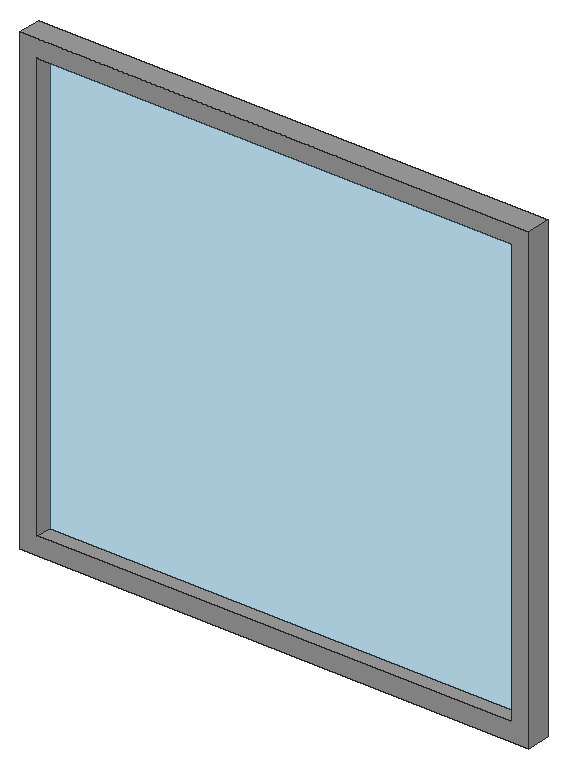
Revit family "ZS-30P OC001-WW_v02", category Curtain Panels, Revit 2015
Parameters
  Width [instance] = 5' - 6"
  URL = "obe.com"
  Model = "30P OC001"
  Manufacturer = "Oldcastle BuildingEnvelope®"
  Keynote = "08 51 00"
  Height [instance] = 5' - 0"
  Glass Material = Glass
  Frame Material = Aluminum
  Offset [instance] = 0' - 0"
  Description = "ZERO SIGHTLINE 30P"
  Assembly Code = "B2020"
  Analytic Construction = "<None>"
Reference planes (in)
  plane 1 "Front": y = 0
  plane 2: z = 0
  plane 3 "Center (Left/Right)": x = 0
  plane 4 "Left": x = -33
  plane 5 "Right": x = 33
  plane 6 "Top": z = 60
Text (in)
  text "Exterior" at (-54.29358, 31.38743, 0), in view "Ref. Level"
  text "Exterior" at (480, 41.53993, 89.60405), in view "Right"
  text "Exterior" at (-240, 57.82419, 105.78864), in view "Left"
  text "Min Size\n\n14\" width x 14\" height\n\n\n\nMax Size\n\n48\" x 84\"\n\n\n\nMax Area\n\n24 square feet\n\n\n\nOperable Width must be less than or equal to height." at (65.57636, 31.38743, 0), in view "Ref. Level"
Dimensions and locks (in)
  equal spacing: plane 4 "Left", plane 3 "Center (Left/Right)", plane 5 "Right"
  "Width": plane 4 "Left" to plane 5 "Right"
  "Height": plane 6 "Top" to plane 2
  aligned and locked: level to plane 2
  aligned and locked: plane 3 "Center (Left/Right)" to nested 1
  aligned and locked: plane 1 "Front" to nested 1
Nested families (in)
  nested 1: "ZS-30P OC001-Panel" at (0, -16, 0), Offset <- "Offset", Height <- "Height", Width <- "Width", Frame Material <- "Frame Material", Glass Material <- "Glass Material", type "ZS-30P OC001-Panel"
    with built-in parameter 1001301 5' - 6", Offset 0' - 0", built-in parameter 1001300 5' - 0", Glass Material Glass, Frame Material Aluminum
Definition of nested family "ZS-30P OC001-Panel"
  Parameters (values of type "ZS-30P OC001-Panel")
    Width [instance] = 3' - 0"
    Offset [instance] = 0' - 11"
    Height [instance] = 3' - 0"
    Glass Material [instance] = none
    Frame Material [instance] = none
    Analytic Construction = "<None>"
  Reference planes (in)
    plane 1 "Offset": y = 5
    plane 2: z = 0
    plane 3 "Center (Left/Right)": x = 0
    plane 4: x = 18
    plane 5: x = -18
    plane 6 "Center (Front/Back)": y = 16
    plane 7: z = 36
    plane 8: z = 0.99753
    plane 9: z = 35.00247
    plane 10: z = 18
  Forms (in)
    Extrusion 1, solid, material <- "Glass Material", detail levels coarse
      sketch origin (0, 0, 0) x (1, 0, 0) y (0, 1, 0)
        loop
          line (-17.00247, 5) -> (-17.00247, 4) -> (17.00247, 4) -> (17.00247, 5) -> (-17.00247, 5)
      from 0.99753 to 35.00247
    Sweep 2, solid, material <- "Frame Material"
      path origin (0, 5, 0) x (1, 0, 0) y (0, 0, 1)
        loop
          line (18, 36) -> (-18, 36) -> (-18, 0) -> (18, 0) -> (18, 36)
      profile origin (0, 5, 36) x (0, 0, -1) y (0, -1, 0)
        loop
          line (0, 2.99976) -> (0, 0) -> (0.99753, 0) -> (0.99753, 1) -> (2.24951, 1) -> (2.24951, 2.99976) -> (0, 2.99976)
    Extrusion 3, solid, material <- "Glass Material", detail levels medium+fine
      sketch origin (0, 0, 0) x (1, 0, 0) y (0, 1, 0)
        loop
          line (-17.00247, 5) -> (-17.00247, 4.75) -> (17.00247, 4.75) -> (17.00247, 5) -> (-17.00247, 5)
        loop
          line (-17.00247, 4) -> (17.00247, 4) -> (17.00247, 4.2373) -> (-17.00247, 4.2373) -> (-17.00247, 4)
      from 0.99753 to 35.00247
  Lines and regions (in)
    model lines
      curve 1: line (-15.75049, 5, 18) -> (15.75049, 5, 33.75049)
      curve 2: line (-15.75049, 5, 18) -> (15.75049, 5, 2.24951)
  Dimensions and locks (in)
    "Width": plane 5 to plane 4
    "Offset": plane 1 "Offset" to plane 6 "Center (Front/Back)"
    equal spacing: plane 5, plane 3 "Center (Left/Right)", plane 4
    locked: plane 5 to Extrusion 1 sketch curve at 0.99753
    locked: Extrusion 1 sketch curve to plane 4 at 0.99753
    Extrusion 1 sketch curve to Extrusion 1 sketch curve to plane 1 "Offset" = 0' - 1" locked, 0' - 0" locked
    locked: plane 9 to plane 7 at 0.99753
    locked: plane 2 to plane 8 at 0.99753
    Extrusion 3 sketch curve to Extrusion 3 sketch curve to Extrusion 3 sketch curve to Extrusion 3 sketch curve to plane 1 "Offset" = 0' - 0.2373" locked, 0' - 0.5127" locked, 0' - 0 1/4" locked, 0' - 0" locked
    locked: plane 5 to Extrusion 3 sketch curve at 0.99753  (x2)
    locked: Extrusion 3 sketch curve to plane 4 at 0.99753  (x2)
    equal spacing: plane 7, plane 10, plane 2
    "Height": plane 7 to plane 2
    aligned and locked: plane 2 to level
    aligned and locked: plane 8 to Extrusion 1
    aligned and locked: Extrusion 1 to plane 9
    aligned and locked: plane 10 to curve 2
    aligned and locked: Extrusion 3 to plane 9
    aligned and locked: plane 8 to Extrusion 3
    aligned and locked: plane 5 to Sweep 2 sketch curve
    aligned and locked: Sweep 2 sketch curve to plane 4
    aligned and locked: Sweep 2 sketch curve to plane 7
    aligned and locked: plane 2 to Sweep 2 sketch curve
  Automatic sketch dimensions
    plane 5 to curve 1 = 0' - 2.24951"
    curve 2 to plane 8 = 0' - 1.25199"
    plane 9 to curve 1 = 0' - 1.25199"
    curve 2 to plane 4 = 0' - 2.24951"
    curve 1 to plane 4 = 0' - 2.24951"
    Sweep 2 sketch curve to plane 1 "Offset" = 0' - 0"
    Sweep 2 sketch curve to profile plane = 0' - 0"
    Sweep 2 sketch curve to profile plane = 0' - 0.99753"
    plane 1 "Offset" to Sweep 2 sketch curve = 0' - 1"
    Sweep 2 sketch curve to Sweep 2 sketch curve = 0' - 1.25199"
    Sweep 2 sketch curve to Sweep 2 sketch curve = 0' - 1.99976"
